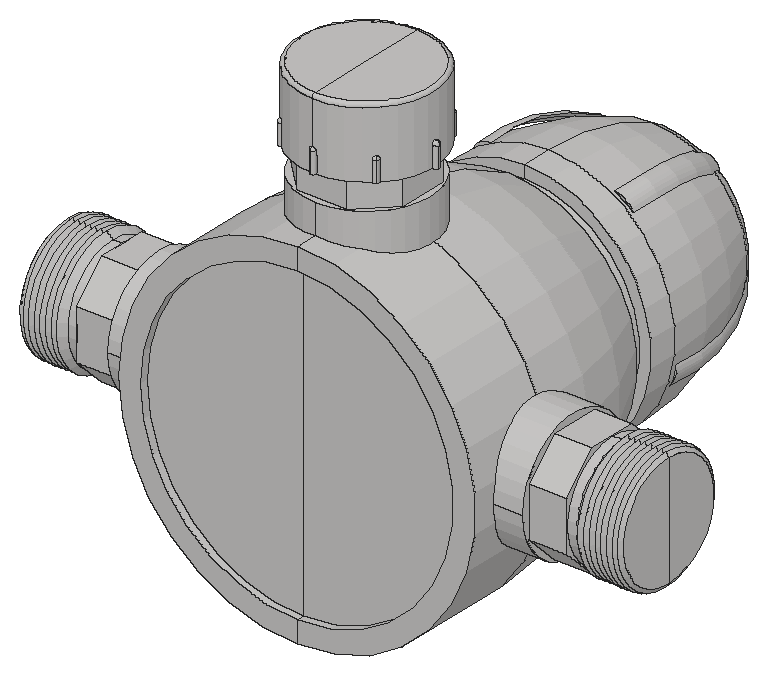
Revit family
Parameters (values of type "Type 1")
  WaterSupplyTemperatureMaximum = "55°C-85° (∆50°C : CW/HW)"
  WarrantyDurationUnit = "10 years"
  WarrantyDescription = "Any manufacturing defect"
  Version = "v1"
  URL = "http://www.delabie.com"
  Type Comments = "Thermostatic mixing valve "
  SerialNumber = "3456330020787"
  Radius = 8.3 mm
  ProductInformation = "http://www.delabie.com/products/731003"
  Operation = "Group thermostatic mixing valve "
  NominalWidth = 23 mm
  NominalLength = 160 mm
  NominalHeight = 80 mm
  Name = "PREMIX COMFORT "
  ModelNumber = "731003"
  Model = "PREMIX COMFORT "
  Material = DZR Brass
  ManufacturerURL = "http://www.delabie.com"
  ManufacturerName = "DELABIE"
  Manufacturer = "DELABIE"
  IntegralAccessoryOptions = "Mixer, tap, valve"
  Grade = "ACS - BELGAQUA - PZH"
  FlowRate lps = "1,5 lps at 3 bar"
  FlowRate lpm = "90 lpm at 3 bar"
  Finish = Chrome-plated
  Features  = "Group thermostatic mixing valve for mixed water distribution from 32° to 42°C:\r\nAnti-scalding safety.\r\nRegulation of temperature variations.\r\nNon-return valves and filters accessible from the exterior without having to remove the mechanism.\r\nThermal cartridge with no specific lever needed (push-button on the control knob).\r\nInterchangeable cartridge with automotive cell.\r\nHigh-resistance chrome-plated brass body DZR.\r\nMaximum hot water temperature: 85°C.\r\nDifferential hot water / mixed water: 15°C mini.\r\nPressure differences at the entrance: 1 bar maximum (0.5 bar recommended).\r\nMinimum pressure / maximum: 1 to 10 bar (1 to 5 bar recommended).\r\nLeft hand side hot water inlet (red ring) and right hand side cold water inlet (blue ring).\r\nMixed water outlet at the top (purple ring).\r\nFor bottom outlet: unscrew / place lid at the top and outlet connector at the bottom.\r\nMaximum temperature limiter, can be adjusted by the installer.\r\nReduced risk of scalding by limiting temperature at the point-of-use.\r\n90 lpm at 3 bar - M1\"."
  Description = "French manufacturer Delabie is a leader in the European sanitary ware market for non-domestic places. Water controls, solutions for disabled people, sanitary ware, for schools, leisure centres, offices, hospitals, airports…"
  Category = "Basin, shower"
  Assembly Code = ""
Reference planes
  plane 1: y = 0
  plane 2 "Center (Left/Right)": x = 125
  plane 3 "Back": y = 75
  plane 4: y = 75
Text (mm)
  text "Placement side" at (-1787.139, 592.35, 0), in view "Ref. Level"
  text "Placement side" at (0, 1827.695, 2917.686), in view "Left"
  text "Placement side" at (0, 562.268, 3853.606), in view "Right"
Dimensions and locks
  locked: plane 3 "Back" to host wall at 0
  locked: plane 3 "Back" to plane 4 at 0
  aligned and locked: host wall to plane 1
  aligned and locked: nested 1 to plane 4
Nested families
  nested 1: "731003" at (125, 75, 1000) x (1, 0, 0) z (0, 1, 0), type "731003"
Connectors
  piping at (45, 98.177, 919.1), driven by "Radius"
    settings: on nested 1, index 1, connector radius 8.3 mm, flow factor 0, pipe flow 1.5 L/s, pressure drop 0.0 Pa, fitting loss kfactor 0, connector angle 0.00°, fixture units 0, flow configuration 0, flow direction 1, fitting loss method 0, system type 20, connector reference index -1, connector utility 0, adjustable connector no, is connector primary yes, fitting loss table "", connector description "In - Cold water"
  piping at (205, 98.177, 919.1), driven by "Radius"
    settings: on nested 1, index 2, connector radius 8.3 mm, flow factor 0, pipe flow 1.5 L/s, pressure drop 0.0 Pa, fitting loss kfactor 0, connector angle 0.00°, fixture units 0, flow configuration 0, flow direction 1, fitting loss method 0, system type 19, connector reference index -1, connector utility 0, adjustable connector no, is connector primary no, fitting loss table "", connector description "In - Hot water"
  piping at (125, 98, 981.6), driven by "Radius"
    settings: on nested 1, index 3, connector radius 8.3 mm, flow factor 0, pipe flow 1.5 L/s, pressure drop 0.0 Pa, fitting loss kfactor 0, connector angle 0.00°, fixture units 0, flow configuration 0, flow direction 2, fitting loss method 0, system type 19, connector reference index -1, connector utility 0, adjustable connector no, is connector primary no, fitting loss table "", connector description "Out - Mixed water"
Definition of nested family "731003"
  Parameters (values of type "731003")
    URL = "http://www.delabie.fr/"
    Référence = "731003"
    Radius = 8.3 mm
    Profondeur = 23 mm
    Lien notice d'installation = "http://www.delabie.fr/produits/510622"
    Lien fiche produit = "http://www.delabie.fr/produits/510622"
    Lien certification = "http://www.delabie.fr/produits/510622"
    Lien CCTP = "http://www.delabie.fr/produits/510622"
    Largeur = 160 mm
    Hauteur = 80 mm
    Finition = "Laiton DZR chromé"
    Débit = "90 l/min"
    Descriptif = "Mitigeur thermostatique centralisé pour distribution d'eau mitigée de 32° à 42°C :\r\nSécurité antibrûlure.\r\nRégulation des variations de température.\r\nFiltres et clapets antiretour accessibles par l’extérieur sans démontage du mécanisme.\r\nChoc thermique sans levier spécifique (bouton poussoir sur le volant).\r\nCartouche interchangeable à cellule automotive.\r\nCorps laiton DZR chromé haute résistance.\r\nTempérature maximum de l’eau chaude : 85°C.\r\nDifférentiel eau chaude / eau mitigée : 15°C mini.\r\nDifférence de pression aux entrées : 1 bar maxi. (0,5 bar recommandé).\r\nPression mini / maxi : 1 à 10 bar (1 à 5 bar recommandé).\r\nArrivée EC à gauche (bague rouge) et EF à droite (bague bleue).\r\nSortie d’EM vers le haut (bague violette).\r\nPour sortie vers le bas : dévisser / replacer le bouchon en haut et le raccord de sortie EM en bas."
    Default Elevation = 1000 mm
    Description = "DELABIE, fabricant français, est le leader européen de l'équipement sanitaire pour les établissements recevant du public. Robinetteries, solutions pour personnes à mobilité réduite, appareils sanitaires, destinés aux écoles, lieux de loisirs, bureaux, hôpitaux, aéroports, ..."
    Type Comments = "Mitigeur thermostatique centralisé "
    Model = "PREMIX CONFORT"
    Manufacturer = "DELABIE"
    Technologie = "Thermostatique"
    Famille de produits = "Lavabo, douche"
    Butée de température = "Thermostatique"
    Assembly Code = ""
  Reference planes
    plane 1 "Center (Front/Back)": y = 0
    plane 2: z = 0
    plane 3 "Center (Left/Right)": x = 0
  Forms (mm)
    Extrusion 1, solid
      sketch origin (0, 0, 0) x (1, 0, 0) y (0, 1, 0)
        loop
          line (-1219.2, 1219.2) -> (-1219.2, -1219.2) -> (1219.2, -1219.2) -> (1219.2, 1219.2) -> (-1219.2, 1219.2)
      from 0 to -304.8
  Dimensions and locks
    locked: nested 1 to level at 0
    aligned and locked: plane 2 to Extrusion 1
    aligned and locked: level to Extrusion 1
  Nested families
    nested 1: "731003b" at (0, -80.9, 0) x (0, -1, 0) z (0, 0, 1), type "731003"
    nested 2: "731003b" at (0, 0, 0) x (0, 1, 0) z (0, 0, 1), type "731003", not visible
  Definition of nested family "731003b"
    Parameters (values of type "731003-17112015")
      URL = "http://www.delabie.fr/"
      Type Comments = "Mitigeur électronique"
      Technologie = ""
      Radius = 30 mm
      Raccordement = ""
      Profondeur = ""
      Model = "TEMPOMATIC 4"
      Material 4 = none
      Material 3 = none
      Material 2 = none
      Material 1 = none
      Manufacturer = "DELABIE"
      Lien notice d'installation = ""
      Lien fiche produit = "http://www.delabie.fr/produits/490000"
      Lien certification = ""
      Lien CCTP = ""
      Largeur = ""
      Hauteur = ""
      Finition = ""
      Famille de produits = "Lavabo"
      Débit = ""
      Butée de température = ""
      Alimentation = ""
    Reference planes
      plane 1 "Center (Front/Back)": y = 0
      plane 2: z = 0
      plane 3 "Center (Left/Right)": x = 0
    Forms (mm)
      Sweep 1, solid, material <- "Material 1"
        path origin (49.965, 0, 69.173) x (0, 0, 1) y (-1, 0, 0)
          loop
            arc (15.426, 16.505) -> (35.92, 18.369) -> (53.77, 28.609) r 48.213
        profile origin (31.597, 0, 105.092) x (-0.953611, 0, -0.301042) y (0, -1, 0)
          loop
            line (1, 0) -> (1, 3)
            arc (1, 3) -> (0, 0) -> (1, -3) r 5
            line (1, -3) -> (1, 0)
      Sweep 2, solid, material <- "Material 1"
        path origin (14.878, -48.294, 69.173) x (0, 0, 1) y (-0.309017, 0.951057, 0)
          loop
            arc (15.426, 16.505) -> (35.92, 18.369) -> (53.77, 28.609) r 48.213
        profile origin (9.201, -30.824, 105.092) x (-0.294682, 0.906938, -0.301042) y (-0.951057, -0.309017, 0)
          loop
            line (1, 0) -> (1, 3)
            arc (1, 3) -> (0, 0) -> (1, -3) r 5
            line (1, -3) -> (1, 0)
      Sweep 3, solid, material <- "Material 1"
        path origin (14.878, 48.294, 69.173) x (0, 0, 1) y (0.309017, 0.951057, 0)
          loop
            arc (15.426, -16.505) -> (35.92, -18.369) -> (53.77, -28.609) r 48.213
        profile origin (9.201, 30.824, 105.092) x (0.294682, 0.906938, 0.301042) y (-0.951057, 0.309017, 0)
          loop
            line (-1, 0) -> (-1, -3)
            arc (-1, -3) -> (0, 0) -> (-1, 3) r 5
            line (-1, 3) -> (-1, 0)
      Sweep 4, solid, material <- "Material 1"
        path origin (-41.333, -29.073, 69.173) x (0, 0, 1) y (0.809017, 0.587785, 0)
          loop
            arc (15.426, 16.505) -> (35.92, 18.369) -> (53.77, 28.609) r 48.213
        profile origin (-26.472, -18.276, 105.092) x (0.771487, 0.560518, -0.301042) y (-0.587785, 0.809017, 0)
          loop
            line (1, 0) -> (1, 3)
            arc (1, 3) -> (0, 0) -> (1, -3) r 5
            line (1, -3) -> (1, 0)
      Sweep 5, solid, material <- "Material 1"
        path origin (-41.333, 29.073, 69.173) x (0, 0, 1) y (-0.809017, 0.587785, 0)
          loop
            arc (15.426, -16.505) -> (35.92, -18.369) -> (53.77, -28.609) r 48.213
        profile origin (-26.472, 18.276, 105.092) x (-0.771487, 0.560518, 0.301042) y (-0.587785, -0.809017, 0)
          loop
            line (-1, 0) -> (-1, -3)
            arc (-1, -3) -> (0, 0) -> (-1, 3) r 5
            line (-1, 3) -> (-1, 0)
      Revolve 6, solid, material <- "Material 1"
        sketch origin (49.965, 0, 69.173) x (0, 0, 1) y (-1, 0, 0)
          loop
            arc (-27.673, 117.965) -> (-27.907, 118.531) -> (-28.473, 118.765) r 0.8
            line (-28.473, 118.765) -> (-28.473, 112.465) -> (-27.673, 112.465) -> (-27.673, 117.965)
          axis (-28.473, 118.765) -> (-28.473, 112.465)
        angle from 0 to 360
      Revolve 7, solid, material <- "Material 1"
        sketch origin (49.965, 32.649, 55.649) x (0, 0.707107, 0.707107) y (-1, 0, 0)
          loop
            arc (-27.673, 117.965) -> (-27.907, 118.531) -> (-28.473, 118.765) r 0.8
            line (-28.473, 118.765) -> (-28.473, 112.465) -> (-27.673, 112.465) -> (-27.673, 117.965)
          axis (-28.473, 118.765) -> (-28.473, 112.465)
        angle from 0 to 360
      Revolve 8, solid, material <- "Material 1"
        sketch origin (49.965, 46.915, 23) x (0, 1, 0) y (-1, 0, 0)
          loop
            arc (-27.673, 117.965) -> (-27.907, 118.531) -> (-28.473, 118.765) r 0.8
            line (-28.473, 118.765) -> (-28.473, 112.465) -> (-27.673, 112.465) -> (-27.673, 117.965)
          axis (-28.473, 118.765) -> (-28.473, 112.465)
        angle from 0 to 360
      Revolve 9, solid, material <- "Material 1"
        sketch origin (49.965, 0, -23.173) x (0, 0, -1) y (1, 0, 0)
          loop
            line (-27.673, -117.965) -> (-27.673, -112.465) -> (-28.473, -112.465) -> (-28.473, -118.765)
            arc (-28.473, -118.765) -> (-27.907, -118.531) -> (-27.673, -117.965) r 0.8
          axis (-28.473, -118.765) -> (-28.473, -112.465)
        angle from 0 to 360
      Revolve 10, solid, material <- "Material 1"
        sketch origin (49.965, 32.649, -9.649) x (0, 0.707107, -0.707107) y (1, 0, 0)
          loop
            line (-27.673, -117.965) -> (-27.673, -112.465) -> (-28.473, -112.465) -> (-28.473, -118.765)
            arc (-28.473, -118.765) -> (-27.907, -118.531) -> (-27.673, -117.965) r 0.8
          axis (-28.473, -118.765) -> (-28.473, -112.465)
        angle from 0 to 360
      Revolve 11, solid, material <- "Material 1"
        sketch origin (49.965, -32.649, -9.649) x (0, -0.707107, -0.707107) y (-1, 0, 0)
          loop
            arc (-27.673, 117.965) -> (-27.907, 118.531) -> (-28.473, 118.765) r 0.8
            line (-28.473, 118.765) -> (-28.473, 112.465) -> (-27.673, 112.465) -> (-27.673, 117.965)
          axis (-28.473, 118.765) -> (-28.473, 112.465)
        angle from 0 to 360
      Revolve 12, solid, material <- "Material 1"
        sketch origin (49.965, -46.915, 23) x (0, -1, 0) y (1, 0, 0)
          loop
            line (-27.673, -117.965) -> (-27.673, -112.465) -> (-28.473, -112.465) -> (-28.473, -118.765)
            arc (-28.473, -118.765) -> (-27.907, -118.531) -> (-27.673, -117.965) r 0.8
          axis (-28.473, -118.765) -> (-28.473, -112.465)
        angle from 0 to 360
      Revolve 13, solid, material <- "Material 1"
        sketch origin (49.965, -33.195, 56.195) x (0, -0.707107, 0.707107) y (1, 0, 0)
          loop
            line (-27.673, -117.965) -> (-27.673, -112.465) -> (-28.473, -112.465) -> (-28.473, -118.765)
            arc (-28.473, -118.765) -> (-27.907, -118.531) -> (-27.673, -117.965) r 0.8
          axis (-28.473, -118.765) -> (-28.473, -112.465)
        angle from 0 to 360
      Revolve 14, solid, material <- "Material 1"
        sketch origin (49.965, 0, 69.173) x (0, 0, 1) y (-1, 0, 0)
          loop
            line (-46.173, 112.465) -> (-28.173, 112.465) -> (-28.173, 130.165)
            arc (-28.173, 130.165) -> (-28.465, 130.872) -> (-29.173, 131.165) r 1
            line (-29.173, 131.165) -> (-46.173, 131.165) -> (-46.173, 112.465)
          axis (-46.173, 112.465) -> (-46.173, 131.165)
        angle from 0 to 360
      Extrusion 15, solid, material <- "Material 1"
        sketch origin (49.965, 0, 69.173) x (0, 0, 1) y (0, 1, 0)
          loop
            line (-52.803, 15) -> (-61.173, 6.63) -> (-61.173, -6.63) -> (-52.803, -15) -> (-39.542, -15) -> (-31.173, -6.63) -> (-31.173, 6.63) -> (-39.542, 15) -> (-52.803, 15)
        from 98.965 to 112.465
      Extrusion 16, solid, material <- "Material 1"
        sketch origin (49.965, 0, 69.173) x (0, 0, 1) y (0, 1, 0)
          loop
            circle (-46.173, 0) r 17
        from 85.106 to 104.965
      Revolve 17, solid, material <- "Material 1"
        sketch origin (49.965, 0, 69.173) x (0, 0, 1) y (-1, 0, 0)
          loop
            line (-67.173, 49.965) -> (55.827, 49.965) -> (55.827, 67.844)
            arc (55.827, 67.844) -> (52.839, 71.882) -> (48.801, 74.87) r 16.994
            arc (48.801, 74.87) -> (32.092, 81.284) -> (14.327, 83.465) r 73.43
            line (14.327, 83.465) -> (6.327, 83.465) -> (6.327, 80.215) -> (0.827, 80.215) -> (0.827, 83.992)
            arc (0.827, 83.992) -> (-21.148, 93.843) -> (-44.994, 97.215) r 86
            line (-44.994, 97.215) -> (-69.173, 97.215) -> (-69.173, 91.459) -> (-67.173, 91.459) -> (-67.173, 49.965)
          axis (-69.173, 49.965) -> (55.827, 49.965)
        angle from 0 to 360
      Extrusion 18, solid, material <- "Material 1"
        sketch origin (0, -49.965, 69.173) x (0, 0, 1) y (1, 0, 0)
          loop
            line (-52.803, 15) -> (-61.173, 6.63) -> (-61.173, -6.63) -> (-52.803, -15) -> (-39.542, -15) -> (-31.173, -6.63) -> (-31.173, 6.63) -> (-39.542, 15) -> (-52.803, 15)
        from 98.965 to 114.965
      Extrusion 19, solid, material <- "Material 1"
        sketch origin (0, -49.965, 69.173) x (0, 0, 1) y (1, 0, 0)
          loop
            circle (-46.173, 0) r 17
        from 85.106 to 104.965
      Extrusion 20, solid, material <- "Material 1"
        sketch origin (0, 49.965, 69.173) x (0, 0, 1) y (-1, 0, 0)
          loop
            line (-52.803, -15) -> (-39.542, -15) -> (-31.173, -6.63) -> (-31.173, 6.63) -> (-39.542, 15) -> (-52.803, 15) -> (-61.173, 6.63) -> (-61.173, -6.63) -> (-52.803, -15)
        from 98.965 to 114.965
      Extrusion 21, solid, material <- "Material 1"
        sketch origin (0, 49.965, 69.173) x (0, 0, 1) y (-1, 0, 0)
          loop
            circle (-46.173, 0) r 17
        from 85.106 to 104.965
      Revolve 22, solid, material <- "Material 1"
        sketch origin (49.965, 0, 23.177) x (0, 1, 0) y (-1, 0, 0)
          loop
            line (-65, 49.965) -> (-65, 64.965) -> (-67.591, 64.965) -> (-69.113, 66.487) -> (-69.83, 65.244) -> (-70.599, 66.342) -> (-71.348, 65.272) -> (-72.136, 66.397) -> (-72.815, 65.221) -> (-73.651, 66.416) -> (-74.338, 65.226) -> (-75.14, 66.461) -> (-75.849, 65.233) -> (-76.643, 66.457) -> (-77.364, 65.208) -> (-78.14, 66.403) -> (-78.775, 65.208) -> (-79.256, 66.008) -> (-80, 64.965) -> (-80, 49.965) -> (-65, 49.965)
          loop
            line (65, 49.965) -> (80, 49.965) -> (80, 64.965) -> (79.256, 66.008) -> (78.775, 65.208) -> (78.14, 66.403) -> (77.364, 65.208) -> (76.643, 66.457) -> (75.849, 65.233) -> (75.14, 66.461) -> (74.338, 65.226) -> (73.651, 66.416) -> (72.815, 65.221) -> (72.136, 66.397) -> (71.348, 65.272) -> (70.599, 66.342) -> (69.83, 65.244) -> (69.113, 66.487) -> (67.591, 64.965) -> (65, 64.965) -> (65, 49.965)
          axis (80, 49.965) -> (-80, 49.965)
        angle from 0 to 360
      Revolve 23, solid, material <- "Material 1"
        sketch origin (49.965, 0, 69.173) x (0, 0, 1) y (-1, 0, 0)
          loop
            line (-29.949, 2.955) -> (-29.949, 7.965) -> (-41.381, 7.965) -> (-41.381, 13.332) -> (-46.173, 13.332) -> (-46.173, 12.332) -> (-42.117, 9.965) -> (-42.117, 1.965) -> (-30.938, 1.965) -> (-29.949, 2.955)
          axis (-46.173, 1.965) -> (-46.173, 13.332)
        angle from 0 to 360
